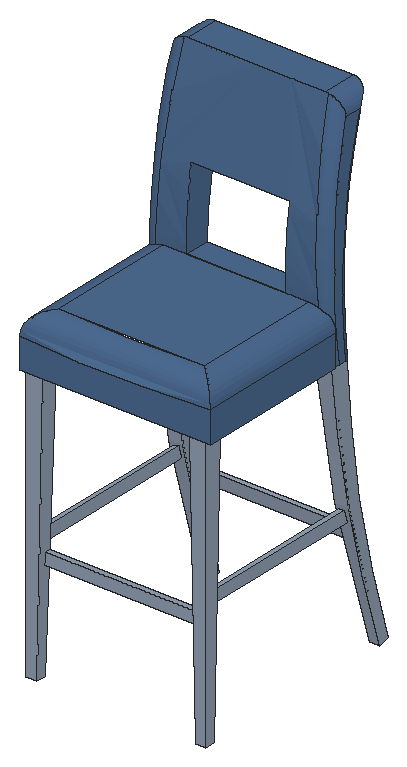
Revit family "Furniture_Chair_PALM BEACH 4.0 WCO", category Furniture, Revit 2020
Family settings
  OmniClass Number = 23.21.23.15.17
  Work Plane-Based = Yes
  Always vertical = No
  Cut with Voids When Loaded = No
  Shared = No
  Room Calculation Point = No
Parameters (values of type "PALM BEACH 4.0 WCO")
  Youtube clip = ""
  Uniformat II Description = "Movable Furnishings"
  Uniformat II Code = ""
  Uniclass 2015 Name = ""
  Uniclass 2015 Code = ""
  Uniclass 2.0 Description = ""
  Uniclass 2.0 Code = ""
  Uniclass 1.4 Description = ""
  Uniclass 1.4 Code = ""
  UNSPSC Code = ""
  Technical description = ""
  Shell Material = Fabric - Manhattan - Staten YI386
  Frame Material = Wood - Beech - 5014 Light Blue
  Region South America = "All"
  Region Oceania = "All"
  Region North America = "All"
  Region Middle East = "All"
  Region Europe = "All"
  Region Asia = "All"
  Region Antarctica = "All"
  Region Africa = "All"
  QR code = "https://www.sandlerseating.com/product/palm-beach-4-0-wco/"
  Product url = "https://www.sandlerseating.com/product/palm-beach-4-0-wco/"
  Product name = "PALM BEACH 4.0 WCO"
  Product group = "Chair"
  Product family = "Furniture"
  Product data url = "https://www.sandlerseating.com/product/palm-beach-4-0-wco/"
  Product certification = ""
  Product SKU = "??"
  Product Guid = "??"
  OmniClass Description = ""
  OmniClass Code = "23-21 23 15 17"
  NBS Reference Description = ""
  NBS Reference Code = ""
  Model = "PALM BEACH 4.0 WCO"
  Masterformat 2014 Description = "Chair Mats"
  Masterformat 2014 Code = "12 48 43.13"
  Manufacturer name = "Sandler"
  Manufacturer country = "USA"
  Manufacturer = "Sandler"
  Installation instructions = ""
  IFC Classification = "Furnishing Element"
  GTIN code = ""
  Edition number = 1
  Design country = "Brasil"
  Description = "Chair"
  Default Elevation = 0.000 mm
  Date of publishing = ""
  COBIe Type Category = ""
  Brand url = "https://www.sandlerseating.com/"
  BIMobject main category code = "furniture"
  BIMobject main category = "Furniture"
  BIMobject category code = "furniture-chair"
  BIMobject category = "Chair"
Reference planes
  plane 1 "Center Front/Back": y = 0
  plane 2: z = 0
  plane 3 "Center Left/Right": x = 0
Forms (mm)
  SweptBlend 1, solid, material "Fabric - Manhattan - Staten YI386" <- "Shell Material"
    path origin (0, -22.924, 0) x (0, 1, 0) y (0, 0, 1)
      loop
        arc (252.688, 1144.058) -> (179.892, 880.041) -> (170.672, 606.327) r 1166.283
    profile origin (0, 229.764, 1144.058) x (0, 0.926151, -0.377154) y (1, 0, 0)
      loop
        line (25.032, -160.593) -> (25.032, 159.343)
        arc (25.032, 159.343) -> (-12.468, 196.843) -> (-49.968, 159.343) r 37.5
        line (-49.968, 159.343) -> (-49.968, -160.593)
        arc (-49.968, -160.593) -> (-12.468, -198.093) -> (25.032, -160.593) r 37.5
    end profile origin (0, 147.748, 606.327) x (0, 0.996473, 0.08391) y (1, 0, 0)
      loop
        line (24.004, -185.435) -> (24.004, 186.907)
        arc (24.004, 186.907) -> (-0.996, 211.907) -> (-25.996, 186.907) r 25
        line (-25.996, 186.907) -> (-25.996, -185.435)
        arc (-25.996, -185.435) -> (-0.996, -210.435) -> (24.004, -185.435) r 25
  Extrusion 2, void
    sketch origin (0, -22.924, 0) x (1, 0, 0) y (0, 0, 1)
      loop
        line (-210.581, 604.685) -> (-193.956, 1080.764)
        arc (-193.956, 1080.764) -> (-181.766, 1108.142) -> (-153.98, 1119.368) r 40
        line (-153.98, 1119.368) -> (153.98, 1119.368)
        arc (153.98, 1119.368) -> (181.766, 1108.142) -> (193.956, 1080.764) r 40
        line (193.956, 1080.764) -> (210.581, 604.685) -> (250.581, 604.685) -> (250.581, 1184.685) -> (-245.581, 1184.685) -> (-245.581, 604.685) -> (-210.581, 604.685)
    from -290.765 to -117.39
  Extrusion 3, solid, material "Fabric - Manhattan - Staten YI386" <- "Shell Material"
    sketch origin (0, -22.924, 840) x (-1, 0, 0) y (0, -1, 0)
      loop
        line (211.903, -144.767) -> (211.903, 201.983)
        arc (211.903, 201.983) -> (0, 211.911) -> (-211.903, 201.983) r 2266.401
        line (-211.903, 201.983) -> (-211.903, -144.767) -> (211.903, -144.767)
    from -230.632 to -111.651
  Sweep 4, void
    path in 3D
      loop
        line (211.903, 180.094, 728.349) -> (211.903, -224.906, 728.349)
        arc (211.903, -224.906, 728.349) -> (0, -234.834, 728.349) -> (-211.903, -224.906, 728.349) r 2266.401
        line (-211.903, -224.906, 728.349) -> (-211.903, 180.094, 728.349)
    profile origin (0, -234.834, 728.349) x (0, -1, 0) y (0, 0, 1)
      loop
        line (0, 0) -> (-50, 0)
        arc (-50, 0) -> (-14.645, -14.645) -> (0, -50) r 50
        line (0, -50) -> (0, 0)
  Extrusion 5, void
    sketch origin (0, -22.924, 0) x (0, 1, 0) y (0, 0, 1)
      loop
        line (133.193, 609.368) -> (133.193, 599.368) -> (208.193, 599.368) -> (208.193, 609.368) -> (133.193, 609.368)
    from -225.633 to 220.543
  SweptBlend 6, solid, material "Wood - Beech - 5014 Light Blue" <- "Frame Material"
    path origin (0, -27.655, 2.393) x (0, 1, 0) y (0, 0, 1)
      loop
        arc (171.051, 621.262) -> (216.053, 301.253) -> (301.426, -10.424) r 2533.419
    profile origin (0, 143.396, 623.655) x (0, 0.997122, 0.075817) y (1, 0, 0)
      loop
        line (21.285, -199.292) -> (21.285, -161.678) -> (-18.715, -161.678) -> (-18.715, -199.292) -> (21.285, -199.292)
    end profile origin (0, 273.771, -8.031) x (0, 0.945659, 0.325159) y (1, 0, 0)
      loop
        line (8.879, -199.07) -> (8.879, -175.254) -> (-13.313, -175.254) -> (-13.313, -199.07) -> (8.879, -199.07)
  SweptBlend 7, solid, material "Wood - Beech - 5014 Light Blue" <- "Frame Material"
    path origin (-0.345, -26.41, 5.249) x (0, 1, 0) y (0, 0, -1)
      loop
        arc (171.051, -621.262) -> (216.053, -301.253) -> (301.426, 10.424) r 2533.419
    profile origin (-0.345, 144.641, 626.511) x (0, -0.997122, -0.075817) y (-1, 0, 0)
      loop
        line (-21.285, -200.158) -> (18.715, -200.158) -> (18.715, -162.544) -> (-21.285, -162.544) -> (-21.285, -200.158)
    end profile origin (-0.345, 275.016, -5.175) x (0, -0.945659, -0.325159) y (-1, 0, 0)
      loop
        line (-8.879, -199.936) -> (13.313, -199.936) -> (13.313, -176.12) -> (-8.879, -176.12) -> (-8.879, -199.936)
  Blend 8, solid, material "Wood - Beech - 5014 Light Blue" <- "Frame Material"
    base sketch origin (0, -22.924, 840) x (-1, 0, 0) y (0, -1, 0)
      loop
        line (200.269, 161.922) -> (200.269, 199.293) -> (163.404, 199.293) -> (163.404, 161.922) -> (200.269, 161.922)
    top sketch origin (0, -22.924, 840) x (-1, 0, 0) y (0, -1, 0)
      loop
        line (177.265, 176.67) -> (200.269, 176.67) -> (200.269, 199.293) -> (177.265, 199.293) -> (177.265, 176.67)
    from -230.632 to -840
  Blend 9, solid, material "Wood - Beech - 5014 Light Blue" <- "Frame Material"
    base sketch origin (0, -22.924, 840) x (1, 0, 0) y (0, 1, 0)
      loop
        line (200.269, -161.922) -> (163.404, -161.922) -> (163.404, -199.293) -> (200.269, -199.293) -> (200.269, -161.922)
    top sketch origin (0, -22.924, 840) x (1, 0, 0) y (0, 1, 0)
      loop
        line (177.265, -176.67) -> (177.265, -199.293) -> (200.269, -199.293) -> (200.269, -176.67) -> (177.265, -176.67)
    from -230.632 to -840
  Extrusion 10, solid, material "Wood - Beech - 5014 Light Blue" <- "Frame Material"
    sketch origin (0, -22.924, 0) x (1, 0, 0) y (0, 0, 1)
      loop
        line (178.477, 294.255) -> (178.477, 267.063) -> (188.151, 267.063) -> (188.151, 294.255) -> (178.477, 294.255)
      loop
        line (-178.477, 294.255) -> (-188.151, 294.255) -> (-188.151, 267.063) -> (-178.477, 267.063) -> (-178.477, 294.255)
    from -219.895 to 174.048
  Extrusion 11, solid, material "Wood - Beech - 5014 Light Blue" <- "Frame Material"
    sketch origin (0, -22.924, 0) x (0, 1, 0) y (0, 0, 1)
      loop
        line (232.7, 251.601) -> (222.883, 249.693) -> (228.841, 219.045) -> (238.657, 220.953) -> (232.7, 251.601)
    from -178.477 to 178.477
  Extrusion 12, solid, material "Wood - Beech - 5014 Light Blue" <- "Frame Material"
    sketch origin (0, -22.924, 0) x (0, 1, 0) y (0, 0, 1)
      loop
        line (-184.288, 253.671) -> (-184.288, 227.175) -> (-172.76, 227.175) -> (-172.76, 253.671) -> (-184.288, 253.671)
    from -178.477 to 178.477
  Extrusion 13, void
    sketch origin (0, -22.924, 0) x (1, 0, 0) y (0, 0, 1)
      loop
        line (110, 908.619) -> (-110, 908.619) -> (-110, 728.619) -> (110, 728.619) -> (110, 908.619)
    from -219.895 to -119.86
Cuts and joins
  Extrusion 2, Extrusion 5, Extrusion 13 cuts SweptBlend 1
  Sweep 4 cuts Extrusion 3
Lines and regions (mm)
  sketch lines
    curve 1: arc (211.903, -224.906, 728.349) -> (0, -234.834, 728.349) -> (-211.903, -224.906, 728.349) r 2266.401
    curve 2: line (211.903, -224.906, 728.349) -> (211.903, 180.094, 728.349)
    curve 3: line (-211.903, 180.094, 728.349) -> (-211.903, -224.906, 728.349)
Dimensions and locks
  aligned and locked: level to plane 2
